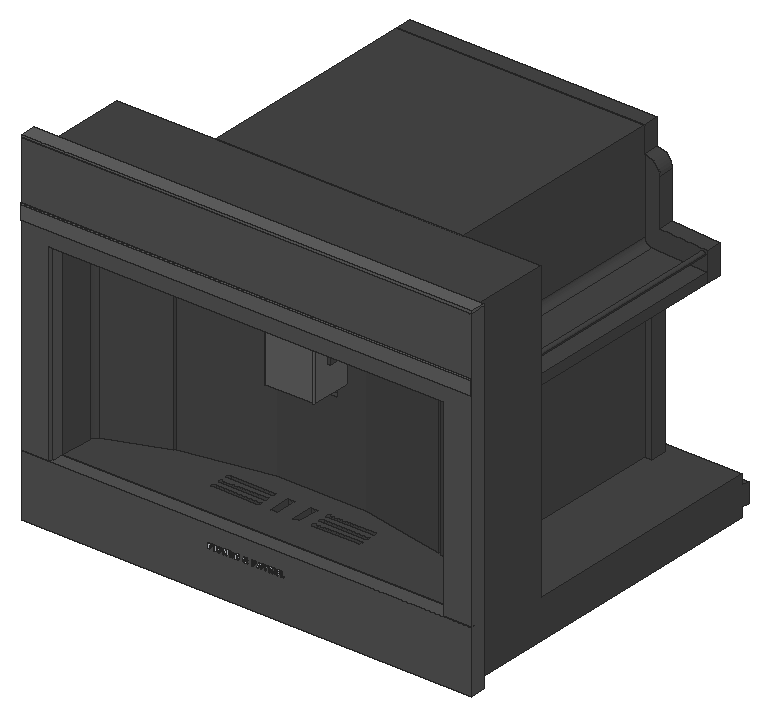
Revit family "FP_Revit_18_EB24DSXBB1_Coffee_Maker_90000808A", category Specialty Equipment, Revit 2018
Family settings
  Round Connector Dimension = Use Diameter
  Part Type = Normal
  OmniClass Number = 23.40.40.14.17.31
  OmniClass Title = Small Specialized Cooking Equipment
  Work Plane-Based = No
  Always vertical = Yes
  Cut with Voids When Loaded = Yes
  Shared = No
  Room Calculation Point = No
Parameters (values of type "EB24DSXBB1")
  Visibility - Clearance Required = yes
  URL = "www.fisherpaykel.com"
  Product - Width = 596 mm  # constant formula
  Product - Height = 458 mm  # constant formula
  Product - Depth = 480 mm  # constant formula
  Model = "EB24DSXBB1"
  Material - Trim = Fisher & Paykel - Aluminium, Dark
  Material - Glass = Fisher & Paykel - Glass, Black
  Material - Body = Fisher & Paykel - Black
  Manufacturer = "Fisher & Paykel Appliances"
  FFL Offset [instance] = 860 mm
  Description = "Built in Coffee Maker 24\""
  Connector Description - Electrical = "120 V, 60 Hz, 11.25 A"
  Chassis - Width = 560 mm  # constant formula
  Chassis - Height = 445 mm  # constant formula
  Chassis - Depth = 460 mm  # constant formula
  Cavity - Width = 560 mm  # constant formula
  Cavity - Height = 460 mm  # constant formula
  Cavity - Depth = 545 mm  # constant formula
Reference planes
  plane 1 "Center (Front/Back)": y = 0
  plane 2: z = 0
  plane 3 "Center (Left/Right)": x = 0
  plane 4: z = 1320
  plane 5: z = 1318
  plane 6 "Product LHS": x = -298
  plane 7 "Product RHS": x = 298
  plane 8 "Cavity LHS": x = -300
  plane 9 "Cavity RHS": x = 300
  plane 10 "Cavity - Depth": y = 545
  plane 11 "Front Face": y = -20
  plane 12 "Product Depth": y = 460
  plane 13 "FFL Offset": z = 860
Forms (mm)
  Extrusion 1, solid, material "Fisher & Paykel - Glass, Black" <- "Material - Glass", detail levels fine
    sketch origin (0, 0, 915) x (0, 1, 0) y (0, 0, 1)
      loop
        line (0, -54) -> (0, 400) -> (-18.19, 400)
        arc (-18.19, 400) -> (-19.179, 399.792) -> (-20, 399.202) r 2.451
        line (-20, 399.202) -> (-20, 28.9) -> (-13, 28.9) -> (-13, 27.85) -> (-20, 27.85) -> (-20, -54) -> (0, -54)
    from -298 to 298
  Extrusion 2, solid, material "Fisher & Paykel - Aluminium, Dark" <- "Material - Trim", detail levels fine
    sketch origin (0, 0, 0) x (0, 1, 0) y (0, 0, 1)
      loop
        line (0, 1318) -> (-20, 1318) -> (-20, 1315) -> (0, 1315) -> (0, 1318)
    from -298 to 298
  Extrusion 3, solid, material "Fisher & Paykel - Aluminium, Dark" <- "Material - Trim", detail levels fine
    sketch origin (0, 0, 915) x (0, 1, 0) y (0, 0, 1)
      loop
        line (-20, 303) -> (-20, 322.8) -> (-20.827, 322.8) -> (-21.702, 320.52) -> (-21.702, 303) -> (-20, 303)
    from -298 to 298
  Extrusion 4, solid, material "Fisher & Paykel - Black" <- "Material - Body"
    sketch origin (0, 0, 0) x (0, 1, 0) y (0, 0, 1)
      loop
        line (116.01, 911.9) -> (116.01, 1305) -> (0, 1305) -> (0, 860) -> (450.02, 860) -> (450.02, 872.9) -> (460, 872.9) -> (460, 898.96) -> (450.02, 898.96) -> (450.02, 911.9) -> (116.01, 911.9)
    from -280 to 280
  Extrusion 5, solid, material "Fisher & Paykel - Black" <- "Material - Body", detail levels fine
    sketch origin (0, 0, 915) x (1, 0, 0) y (0, 0, 1)
      loop
        circle (255.488, 264.858) r 3
      loop
        arc (187.564, 248.08) -> (180.801, 250.881) -> (178, 257.644) r 9.564
        line (178, 257.644) -> (178, 390) -> (-150, 390) -> (-150, 258.403)
        arc (-150, 258.403) -> (-152.821, 251.442) -> (-159.691, 248.408) r 10
        line (-159.691, 248.408) -> (-261.967, 245.247) -> (-261.967, 232.285) -> (-159.605, 228.24)
        arc (-159.605, 228.24) -> (-152.791, 225.178) -> (-150, 218.248) r 10
        line (-150, 218.248) -> (-150, -3.1) -> (178, -3.1) -> (178, 219.061)
        arc (178, 219.061) -> (180.801, 225.824) -> (187.564, 228.625) r 9.564
        line (187.564, 228.625) -> (261.48, 231.852) -> (261.48, 244.856) -> (187.564, 248.08)
      loop
        circle (-255.488, 265.27) r 3
    from -415.81 to -116.01
  Extrusion 6, solid, material "Fisher & Paykel - Black" <- "Material - Body", detail levels fine
    sketch origin (0, 0, 0) x (1, 0, 0) y (0, 0, 1)
      loop
        line (261.48, 1185.549) -> (197.977, 1189.414) -> (197.977, 1250.8)
        arc (197.977, 1250.8) -> (192.126, 1264.926) -> (178, 1270.777) r 19.977
        line (178, 1270.777) -> (178, 1305) -> (-150.023, 1305) -> (-150.023, 1270.366)
        arc (-150.023, 1270.366) -> (-164.149, 1264.514) -> (-170, 1250.389) r 19.977
        line (-170, 1250.389) -> (-170, 1189.558) -> (-261.967, 1185.943) -> (-261.967, 1147.299) -> (-170, 1143.699) -> (-170, 860) -> (-120, 860) -> (-120, 1262.538) -> (145.224, 1262.538) -> (145.224, 911.9) -> (188.072, 911.9) -> (188.072, 1143.699) -> (261.48, 1146.905) -> (261.48, 1185.549)
    from -436.81 to -415.81
  Extrusion 7, void
    sketch origin (0, 0, 0) x (1, 0, 0) y (0, 1, 0)
      loop
        line (-261, -20.25) -> (261, -20.25) -> (261, -16.15) -> (258.097, 43.307)
        arc (258.097, 43.307) -> (256.532, 47.844) -> (252.912, 50.994) r 9.287
        arc (252.912, 50.994) -> (215.2, 66.982) -> (176.484, 80.359) r 600.007
        line (176.484, 80.359) -> (176.484, 87.818) -> (173.853, 87.818) -> (173.853, 81.162)
        arc (173.853, 81.162) -> (0, 106.902) -> (-173.853, 81.162) r 600.007
        line (-173.853, 81.162) -> (-173.853, 87.818) -> (-176.484, 87.818) -> (-176.484, 80.359)
        arc (-176.484, 80.359) -> (-215.2, 66.982) -> (-252.912, 50.994) r 600.007
        arc (-252.912, 50.994) -> (-256.532, 47.844) -> (-258.097, 43.307) r 9.287
        line (-258.097, 43.307) -> (-261, -16.15) -> (-261, -20.25)
    from 942.8 to 1197.8
  Extrusion 8, void
    sketch origin (0, 0, 0) x (1, 0, 0) y (0, 1, 0)
      loop
        arc (-96.162, 73.7) -> (-99.162, 70.7) -> (-96.162, 67.7) r 3
        line (-96.162, 67.7) -> (-36.788, 67.7)
        arc (-36.788, 67.7) -> (-33.788, 70.7) -> (-36.788, 73.7) r 3
        line (-36.788, 73.7) -> (-96.162, 73.7)
      loop
        arc (-96.162, 61.7) -> (-99.162, 58.7) -> (-96.162, 55.7) r 3
        line (-96.162, 55.7) -> (-36.788, 55.7)
        arc (-36.788, 55.7) -> (-33.788, 58.7) -> (-36.788, 61.7) r 3
        line (-36.788, 61.7) -> (-96.162, 61.7)
      loop
        arc (-96.162, 49.7) -> (-99.162, 46.7) -> (-96.162, 43.7) r 3
        line (-96.162, 43.7) -> (-36.788, 43.7)
        arc (-36.788, 43.7) -> (-33.788, 46.7) -> (-36.788, 49.7) r 3
        line (-36.788, 49.7) -> (-96.162, 49.7)
      loop
        line (-19.49, 73.102) -> (-19.49, 44.102) -> (-10.49, 44.102) -> (-10.49, 73.102) -> (-19.49, 73.102)
      loop
        line (96.162, 73.7) -> (36.788, 73.7)
        arc (36.788, 73.7) -> (33.788, 70.7) -> (36.788, 67.7) r 3
        line (36.788, 67.7) -> (96.162, 67.7)
        arc (96.162, 67.7) -> (99.162, 70.7) -> (96.162, 73.7) r 3
      loop
        line (96.162, 61.7) -> (36.788, 61.7)
        arc (36.788, 61.7) -> (33.788, 58.7) -> (36.788, 55.7) r 3
        line (36.788, 55.7) -> (96.162, 55.7)
        arc (96.162, 55.7) -> (99.162, 58.7) -> (96.162, 61.7) r 3
      loop
        line (96.162, 49.7) -> (36.788, 49.7)
        arc (36.788, 49.7) -> (33.788, 46.7) -> (36.788, 43.7) r 3
        line (36.788, 43.7) -> (96.162, 43.7)
        arc (96.162, 43.7) -> (99.162, 46.7) -> (96.162, 49.7) r 3
      loop
        line (19.49, 73.102) -> (10.49, 73.102) -> (10.49, 44.102) -> (19.49, 44.102) -> (19.49, 73.102)
    from 932.9 to 942.8
  Extrusion 9, solid, material "Fisher & Paykel - Black" <- "Material - Body"
    sketch origin (0, 0, 0) x (1, 0, 0) y (0, 1, 0)
      loop
        line (-238.877, 57.3) -> (238.036, 57.3) -> (238.036, 116.01) -> (-238.877, 116.01) -> (-238.877, 57.3)
    from 1171.8 to 1197.8
  Extrusion 10, solid, material "Fisher & Paykel - Aluminium, Dark" <- "Material - Trim"
    sketch origin (0, 0, 0) x (1, 0, 0) y (0, 1, 0)
      loop
        line (-33, 105.99) -> (-33, 52.807)
        arc (-33, 52.807) -> (-32.412, 51.388) -> (-30.993, 50.8) r 2.007
        line (-30.993, 50.8) -> (31, 50.8)
        arc (31, 50.8) -> (32.414, 51.386) -> (33, 52.8) r 2
        line (33, 52.8) -> (33, 105.99) -> (-33, 105.99)
    from 1083.8 to 1183.5
  Extrusion 11, void
    sketch origin (0, 0, 0) x (1, 0, 0) y (0, 0, 1)
      loop
        line (-19.5, 1083.8) -> (-19.5, 1061.827) -> (19.5, 1061.827) -> (19.5, 1083.8) -> (-19.5, 1083.8)
    from -115 to -105
  Extrusion 12, solid, material "Fisher & Paykel - Black" <- "Material - Body", detail levels fine
    sketch origin (0, 0, 0) x (1, 0, 0) y (0, 0, 1)
      loop
        line (45.9, 1172.885) -> (45.9, 1163.535) -> (47.549, 1163.535) -> (47.549, 1147.911)
        arc (47.549, 1147.911) -> (55.35, 1140.11) -> (63.15, 1147.911) r 7.801
        line (63.15, 1147.911) -> (63.15, 1163.235) -> (73.436, 1163.235) -> (73.436, 1172.885) -> (45.9, 1172.885)
    from -106.934 to -61.01
  Extrusion 13, solid, material "Fisher & Paykel - Black" <- "Material - Body", detail levels fine
    sketch origin (0, 0, 915) x (1, 0, 0) y (0, 0, 1)
      loop
        line (53.653, 257.885) -> (53.653, 225.297)
        arc (53.653, 225.297) -> (55.35, 225.11) -> (57.047, 225.297) r 7.805
        line (57.047, 225.297) -> (57.047, 257.885) -> (53.653, 257.885)
    from -61.01 to -47.51
  Extrusion 14, solid, material "Fisher & Paykel - Black" <- "Material - Body", detail levels fine
    sketch origin (0, 0, 915) x (1, 0, 0) y (0, 0, 1)
      loop
        line (115.224, 76.056) -> (75.224, 76.056) -> (75.224, 21.056) -> (115.224, 21.056) -> (115.224, 76.056)
    from -417 to -415.81
  Extrusion 15, solid, material "Fisher & Paykel - Black" <- "Material - Body", detail levels fine
    sketch origin (0, 0, 915) x (1, 0, 0) y (0, 0, 1)
      loop
        line (107.224, 68.056) -> (83.224, 68.056) -> (83.224, 29.056) -> (107.224, 29.056) -> (107.224, 68.056)
    from -436.81 to -417
  Extrusion 16, solid, material "Fisher & Paykel - Black" <- "Material - Body", detail levels fine
    sketch origin (0, 0, 0) x (1, 0, 0) y (0, 1, 0)
      loop
        circle (95.857, 430.81) r 5
    from 983.056 to 1003
  Extrusion 17, void
    sketch origin (0, 0, 915) x (0, 1, 0) y (0, 0, 1)
      loop
        line (445.9, -19.903) -> (0, -19.903) -> (0, -55) -> (445.9, -55) -> (445.9, -19.903)
    from -54 to 54
  Extrusion 18, solid, material "Fisher & Paykel - Black", detail levels fine
    sketch origin (0, 0, 0) x (1, 0, 0) y (0, 1, 0)
      loop
        line (-210.55, 31.63) -> (-210.55, 5.8) -> (-193.27, 5.8) -> (-193.27, 31.63) -> (-210.55, 31.63)
      loop
        line (-203.25, 13.924) -> (-203.25, 14.725)
        arc (-203.25, 14.725) -> (-201.75, 22.856) -> (-200.25, 14.725) r 4.204
        line (-200.25, 14.725) -> (-200.25, 13.924)
        arc (-200.25, 13.924) -> (-201.75, 23.687) -> (-203.25, 13.924) r 4.997
      loop
        line (-202.15, 17.61) -> (-202.15, 12.8) -> (-201.35, 12.8) -> (-201.35, 17.61) -> (-202.15, 17.61)
    from 1196.9 to 1197.8
  Extrusion 19, solid, material "Fisher & Paykel - Clearance Required", visible <- "Visibility - Clearance Required", detail levels coarse
    sketch origin (0, 0, 0) x (1, 0, 0) y (0, 1, 0)
      loop
        line (-300, 0) -> (-300, -20) -> (300, -20) -> (300, 0) -> (-300, 0)
    from 860 to 1320
  Extrusion 20, solid, material "Fisher & Paykel - Clearance Required", visible <- "Visibility - Clearance Required", detail levels coarse
    sketch origin (0, 0, 0) x (1, 0, 0) y (0, 1, 0)
      loop
        line (-280, 0) -> (280, 0) -> (280, 545) -> (-280, 545) -> (-280, 0)
    from 860 to 1310
  Extrusion 21, solid, material "Fisher & Paykel - Black" <- "Material - Body", detail levels coarse+medium
    sketch origin (0, -20, 915) x (-1, 0, 0) y (0, 0, 1)
      loop
        line (-197.977, 274.414) -> (-261.48, 274.414) -> (-261.48, 228.699) -> (-188.072, 228.699) -> (-188.072, -3.1) -> (170, -3.1) -> (170, 228.699) -> (261.967, 228.699) -> (261.967, 274.558) -> (170, 274.558) -> (170, 390.05) -> (-197.977, 390.05) -> (-197.977, 274.414)
    from 136.01 to 456.81
  Extrusion 22, solid, material "Fisher & Paykel - Glass, Black" <- "Material - Glass", detail levels coarse+medium
    sketch origin (0, 0, 915) x (1, 0, 0) y (0, 0, 1)
      loop
        line (-298, -54) -> (298, -54) -> (298, 403) -> (-298, 403) -> (-298, -54)
      loop
        line (261, 282.85) -> (-261, 282.85) -> (-261, 27.85) -> (261, 27.85) -> (261, 282.85)
    from 0 to 20
  Extrusion 23, void
    sketch origin (0, 0, 0) x (1, 0, 0) y (0, 1, 0)
      loop
        line (-280, 545) -> (-280, 0) -> (280, 0) -> (280, 545) -> (-280, 545)
    from 860 to 1310
  Extrusion 24, void
    sketch origin (0, 0, 0) x (1, 0, 0) y (0, 1, 0)
      loop
        line (-300, 0) -> (-300, -20) -> (300, -20) -> (300, 0) -> (-300, 0)
    from 860 to 1320
Cuts and joins
  Extrusion 7 cuts Extrusion 1
  Extrusion 7, Extrusion 8, Extrusion 11, Extrusion 17 cuts Extrusion 4
  joined: Extrusion 4, Extrusion 9
Lines and regions (mm)
  model lines, detail levels medium+fine
    curve 1: line (-47, -20, 1293.952) -> (47, -20, 1293.952)
    curve 2: line (-47, -20, 1240.952) -> (-47, -20, 1293.952)
    curve 3: line (47, -20, 1240.952) -> (-47, -20, 1240.952)
    curve 4: line (47, -20, 1293.952) -> (47, -20, 1240.952)
Text (mm)
  text "Due to ongoing product development, product details are subject to change without notice. \nPlease always refer to www.fisherpaykel.com for the most current product information. \n© Fisher & Paykel 2020" at (41.04, -248.295, 0), in view "Ref. Level (Plan)"
Dimensions and locks
  equal spacing: plane 6 "Product LHS", plane 3 "Center (Left/Right)", plane 7 "Product RHS"
  "Product - Width": plane 6 "Product LHS" to plane 7 "Product RHS"
  equal spacing: plane 8 "Cavity LHS", plane 3 "Center (Left/Right)", plane 9 "Cavity RHS"
  "Cavity - Depth": plane 10 "Cavity - Depth" to plane 1 "Center (Front/Back)"
  plane 11 "Front Face" to plane 1 "Center (Front/Back)" = 20 mm
  "Chassis - Depth": plane 1 "Center (Front/Back)" to plane 12 "Product Depth"
  "Product - Depth": plane 12 "Product Depth" to plane 11 "Front Face"
  "Chassis - Width": cut or joined group of Extrusion 4, Extrusion 7, Extrusion 8, Extrusion 9, Extrusion 11, Extrusion 17 to cut or joined group of Extrusion 4, Extrusion 7, Extrusion 8, Extrusion 9, Extrusion 11, Extrusion 17
  "FFL Offset": plane 13 "FFL Offset" to level
  "Chassis - Height": cut or joined group of Extrusion 4, Extrusion 7, Extrusion 8, Extrusion 9, Extrusion 11, Extrusion 17 to plane 13 "FFL Offset"
  "Product - Height": plane 5 to plane 13 "FFL Offset"
  "Cavity - Height": plane 4 to plane 13 "FFL Offset"
  locked: Extrusion 23 to plane 13 "FFL Offset" at 450
  locked: plane 5 to Extrusion 21 at 12.95
  locked: Extrusion 3 to plane 13 "FFL Offset" at 358
  locked: plane 13 "FFL Offset" to cut or joined group of Extrusion 1, Extrusion 7 at 1
  locked: plane 13 "FFL Offset" to cut or joined group of Extrusion 4, Extrusion 7, Extrusion 8, Extrusion 9, Extrusion 11, Extrusion 17 at 82.8
  locked: plane 13 "FFL Offset" to Extrusion 22 sketch curve at 337.85
  locked: cut or joined group of Extrusion 4, Extrusion 7, Extrusion 8, Extrusion 9, Extrusion 11, Extrusion 17 to plane 13 "FFL Offset" at 337.8
  locked: cut or joined group of Extrusion 4, Extrusion 7, Extrusion 8, Extrusion 9, Extrusion 11, Extrusion 17 to plane 13 "FFL Offset" at 51.9
  locked: plane 5 to Extrusion 3 at 100
  locked: plane 5 to Extrusion 22 at 120.15
  locked: plane 5 to Extrusion 22 at 375.15
  locked: Extrusion 16 to plane 13 "FFL Offset" at 143
  locked: cut or joined group of Extrusion 4, Extrusion 7, Extrusion 8, Extrusion 9, Extrusion 11, Extrusion 17 to cut or joined group of Extrusion 4, Extrusion 7, Extrusion 8, Extrusion 9, Extrusion 11, Extrusion 17 at 9.9
  locked: nested 1 to plane 13 "FFL Offset" at 61.04
  locked: Extrusion 10 to plane 13 "FFL Offset" at 323.5
  locked: Extrusion 10 to plane 13 "FFL Offset" at 223.8
  locked: cut or joined group of Extrusion 4, Extrusion 7, Extrusion 8, Extrusion 9, Extrusion 11, Extrusion 17 to plane 13 "FFL Offset" at 201.827
  locked: cut or joined group of Extrusion 4, Extrusion 7, Extrusion 8, Extrusion 9, Extrusion 11, Extrusion 17 to plane 13 "FFL Offset" at 311.8
  locked: Extrusion 12 to plane 13 "FFL Offset" at 312.885
  locked: Extrusion 22 to Extrusion 18 at 0.95
  locked: plane 5 to Extrusion 23 at 8
  locked: Extrusion 17 sketch curve to plane 13 "FFL Offset" at 35.097
  plane 5 to curve 3 = 77.048 mm
  locked: plane 5 to curve 1 at 24.048
  locked: Extrusion 15 to plane 13 "FFL Offset" at 84.056
  locked: Extrusion 15 to plane 13 "FFL Offset" at 123.056
  locked: plane 5 to curve 3 at 77.048
  "Cavity - Width": Extrusion 23 to Extrusion 23
  aligned and locked: level to plane 2
  aligned and locked: Extrusion 3 to plane 7 "Product RHS"
  aligned and locked: plane 6 "Product LHS" to Extrusion 3
  aligned and locked: Extrusion 2 to plane 7 "Product RHS"
  aligned and locked: plane 6 "Product LHS" to Extrusion 2
  aligned and locked: plane 6 "Product LHS" to Extrusion 1
  aligned and locked: Extrusion 1 to plane 7 "Product RHS"
  aligned and locked: plane 9 "Cavity RHS" to Extrusion 19 sketch curve
  aligned and locked: Extrusion 19 sketch curve to plane 8 "Cavity LHS"
  aligned and locked: plane 1 "Center (Front/Back)" to Extrusion 19 sketch curve
  aligned and locked: Extrusion 5 to cut or joined group of Extrusion 4, Extrusion 7, Extrusion 8, Extrusion 9, Extrusion 11, Extrusion 17
  aligned and locked: Extrusion 5 to Extrusion 4
  aligned and locked: Extrusion 6 to Extrusion 5
  aligned and locked: plane 4 to Extrusion 24
  aligned and locked: plane 5 to Extrusion 2
  aligned and locked: Extrusion 24 to Extrusion 19
  aligned and locked: plane 5 to Extrusion 22 sketch curve
  aligned and locked: Extrusion 21 to Extrusion 5
  aligned and locked: Extrusion 5 to Extrusion 6
  aligned and locked: Extrusion 8 to Extrusion 7
  aligned and locked: Extrusion 11 to Extrusion 10
  aligned and locked: cut or joined group of Extrusion 1, Extrusion 7 to Extrusion 18
  aligned and locked: Extrusion 19 to Extrusion 17
  aligned and locked: plane 13 "FFL Offset" to Extrusion 4 sketch curve
  aligned and locked: Extrusion 4 to Extrusion 17
  aligned and locked: Extrusion 23 to cut or joined group of Extrusion 4, Extrusion 7, Extrusion 8, Extrusion 9, Extrusion 11, Extrusion 17
  aligned and locked: cut or joined group of Extrusion 4, Extrusion 7, Extrusion 8, Extrusion 9, Extrusion 11, Extrusion 17 to Extrusion 6
  aligned and locked: Extrusion 24 to cut or joined group of Extrusion 4, Extrusion 7, Extrusion 8, Extrusion 9, Extrusion 11, Extrusion 17
  aligned and locked: Extrusion 20 to Extrusion 23
  aligned and locked: Extrusion 20 to Extrusion 6
  aligned and locked: Extrusion 7 to Extrusion 9
  aligned and locked: Extrusion 16 to Extrusion 15
Automatic sketch dimensions
  Extrusion 3 sketch curve to Extrusion 3 sketch curve = 17.52 mm
  Extrusion 3 sketch curve to Extrusion 3 sketch curve = 0.875 mm
  Extrusion 3 sketch curve to Extrusion 3 sketch curve = 0.827 mm
  Extrusion 3 sketch curve to Extrusion 3 sketch curve = 2.28 mm
  Extrusion 7 sketch curve to Extrusion 7 sketch curve = 0 mm  (x4)
  Extrusion 7 sketch curve to plane 3 "Center (Left/Right)" = 0 mm
  Extrusion 7 sketch curve to plane 6 "Product LHS" = 124.147 mm
  Extrusion 7 sketch curve to Extrusion 7 sketch curve = 2.63 mm  (x2)
  Extrusion 7 sketch curve to plane 6 "Product LHS" = 49.167 mm
  Extrusion 7 sketch curve to Extrusion 7 sketch curve = 9.264 mm  (x2)
  Extrusion 7 sketch curve to plane 6 "Product LHS" = 37 mm
  plane 7 "Product RHS" to Extrusion 7 sketch curve = 124.147 mm
  plane 7 "Product RHS" to Extrusion 7 sketch curve = 49.167 mm
  plane 1 "Center (Front/Back)" to Extrusion 7 sketch curve = 16.15 mm
  plane 7 "Product RHS" to Extrusion 7 sketch curve = 37 mm
  plane 1 "Center (Front/Back)" to Extrusion 7 sketch curve = 493.105 mm
  Extrusion 7 sketch curve to plane 1 "Center (Front/Back)" = 42.65 mm  (x2)
  Extrusion 7 sketch curve to Extrusion 7 sketch curve = 0.657 mm  (x2)
  Extrusion 7 sketch curve to plane 1 "Center (Front/Back)" = 80.359 mm  (x2)
  Extrusion 7 sketch curve to Extrusion 7 sketch curve = 0.803 mm
  Extrusion 7 sketch curve to Extrusion 7 sketch curve = 6.656 mm  (x2)
  Extrusion 7 sketch curve to Extrusion 7 sketch curve = 4.1 mm  (x2)
  Extrusion 8 sketch curve to plane 3 "Center (Left/Right)" = 96.162 mm
  Extrusion 8 sketch curve to Extrusion 8 sketch curve = 0 mm  (x9)
  Extrusion 8 sketch curve to plane 3 "Center (Left/Right)" = 36.788 mm
  Extrusion 8 sketch curve to Extrusion 8 sketch curve = 17.298 mm  (x3)
  Extrusion 8 sketch curve to Extrusion 8 sketch curve = 9 mm  (x2)
  plane 3 "Center (Left/Right)" to Extrusion 8 sketch curve = 10.49 mm
  Extrusion 8 sketch curve to Extrusion 8 sketch curve = 59.375 mm
  Extrusion 8 sketch curve to plane 1 "Center (Front/Back)" = 43.7 mm  (x2)
  Extrusion 8 sketch curve to Extrusion 8 sketch curve = 0.402 mm
  Extrusion 8 sketch curve to Extrusion 8 sketch curve = 3 mm  (x6)
  Extrusion 8 sketch curve to Extrusion 8 sketch curve = 6 mm  (x4)
  Extrusion 8 sketch curve to Extrusion 8 sketch curve = 0.598 mm
  Extrusion 10 sketch curve to Extrusion 10 sketch curve = 2.007 mm
  Extrusion 10 sketch curve to Extrusion 10 sketch curve = 53.19 mm
  Extrusion 11 sketch curve to plane 3 "Center (Left/Right)" = 19.5 mm
  plane 3 "Center (Left/Right)" to Extrusion 11 sketch curve = 19.5 mm
  level to Extrusion 11 sketch curve = 1061.827 mm
  Extrusion 11 sketch curve to Extrusion 11 sketch curve = 21.973 mm
  Extrusion 12 sketch curve to Extrusion 12 sketch curve = 1.649 mm
  Extrusion 12 sketch curve to Extrusion 12 sketch curve = 7.801 mm
  Extrusion 12 sketch curve to Extrusion 12 sketch curve = 10.286 mm
  Extrusion 12 sketch curve to Extrusion 12 sketch curve = 15.324 mm
  Extrusion 12 sketch curve to Extrusion 12 sketch curve = 0.3 mm
  Extrusion 12 sketch curve to Extrusion 12 sketch curve = 9.35 mm
  Extrusion 13 sketch curve to Extrusion 13 sketch curve = 1.697 mm
  Extrusion 13 sketch curve to Extrusion 13 sketch curve = 7.618 mm
  Extrusion 13 sketch curve to Extrusion 13 sketch curve = 24.97 mm
  Extrusion 13 sketch curve to Extrusion 13 sketch curve = 3.394 mm
  Extrusion 14 sketch curve to Extrusion 14 sketch curve = 40 mm
  Extrusion 14 sketch curve to Extrusion 14 sketch curve = 55 mm
  Extrusion 15 sketch curve to Extrusion 15 sketch curve = 24 mm
  Extrusion 15 sketch curve to Extrusion 15 sketch curve = 39 mm
  level to Extrusion 17 sketch curve = 860 mm
  Extrusion 17 sketch curve to plane 1 "Center (Front/Back)" = 0 mm
  Extrusion 18 sketch curve to Extrusion 18 sketch curve = 7.3 mm
  Extrusion 18 sketch curve to Extrusion 18 sketch curve = 1.1 mm  (x2)
  Extrusion 18 sketch curve to Extrusion 18 sketch curve = 0.4 mm
  Extrusion 18 sketch curve to Extrusion 18 sketch curve = 0 mm
  Extrusion 18 sketch curve to Extrusion 18 sketch curve = 0.8 mm
  Extrusion 18 sketch curve to Extrusion 18 sketch curve = 8.08 mm
  Extrusion 18 sketch curve to Extrusion 18 sketch curve = 7 mm
  Extrusion 18 sketch curve to Extrusion 18 sketch curve = 1.124 mm
  Extrusion 18 sketch curve to Extrusion 18 sketch curve = 0.801 mm
  Extrusion 18 sketch curve to Extrusion 18 sketch curve = 2.885 mm
  Extrusion 18 sketch curve to Extrusion 18 sketch curve = 1.042 mm
  Extrusion 18 sketch curve to Extrusion 18 sketch curve = 0.038 mm
  Extrusion 18 sketch curve to Extrusion 18 sketch curve = 12.94 mm
  Extrusion 9 sketch curve to plane 6 "Product LHS" = 59.123 mm
  Extrusion 9 sketch curve to plane 1 "Center (Front/Back)" = 57.3 mm
  plane 7 "Product RHS" to Extrusion 9 sketch curve = 59.964 mm
  Extrusion 9 sketch curve to Extrusion 9 sketch curve = 58.71 mm
  plane 1 "Center (Front/Back)" to Extrusion 19 sketch curve = 20 mm
  Extrusion 17 sketch curve to plane 10 "Cavity - Depth" = 99.1 mm
  Extrusion 6 sketch curve to plane 6 "Product LHS" = 36.033 mm
  level to Extrusion 6 sketch curve = 860 mm
  Extrusion 6 sketch curve to plane 6 "Product LHS" = 128 mm
  Extrusion 6 sketch curve to Extrusion 6 sketch curve = 0 mm
  Extrusion 6 sketch curve to Extrusion 6 sketch curve = 19.977 mm
  Extrusion 6 sketch curve to Extrusion 6 sketch curve = 30.023 mm
  level to Extrusion 6 sketch curve = 911.9 mm
  plane 3 "Center (Left/Right)" to Extrusion 6 sketch curve = 145.224 mm
  Extrusion 6 sketch curve to plane 5 = 13 mm
  Extrusion 6 sketch curve to Extrusion 6 sketch curve = 32.776 mm
  Extrusion 6 sketch curve to Extrusion 6 sketch curve = 10.072 mm
  Extrusion 6 sketch curve to Extrusion 6 sketch curve = 9.905 mm
  plane 7 "Product RHS" to Extrusion 6 sketch curve = 36.52 mm
  Extrusion 6 sketch curve to Extrusion 6 sketch curve = 161.301 mm  (x2)
  Extrusion 6 sketch curve to Extrusion 6 sketch curve = 3.205 mm
  Extrusion 6 sketch curve to Extrusion 6 sketch curve = 3.6 mm
  Extrusion 6 sketch curve to Extrusion 6 sketch curve = 38.645 mm
  Extrusion 6 sketch curve to Extrusion 6 sketch curve = 38.644 mm
  Extrusion 6 sketch curve to Extrusion 6 sketch curve = 45.715 mm
  Extrusion 6 sketch curve to Extrusion 6 sketch curve = 45.858 mm
  Extrusion 6 sketch curve to Extrusion 6 sketch curve = 54.611 mm
  Extrusion 6 sketch curve to Extrusion 6 sketch curve = 54.2 mm
  Extrusion 6 sketch curve to Extrusion 6 sketch curve = 7.828 mm
  Extrusion 5 sketch curve to plane 6 "Product LHS" = 36.033 mm
  Extrusion 5 sketch curve to Extrusion 5 sketch curve = 6.478 mm
  Extrusion 5 sketch curve to Extrusion 5 sketch curve = 95.488 mm
  Extrusion 5 sketch curve to Extrusion 5 sketch curve = 0.309 mm  (x2)
  Extrusion 5 sketch curve to Extrusion 5 sketch curve = 0.395 mm
  Extrusion 5 sketch curve to Extrusion 5 sketch curve = 10 mm  (x2)
  plane 7 "Product RHS" to Extrusion 5 sketch curve = 120 mm  (x2)
  Extrusion 5 sketch curve to plane 5 = 13 mm
  Extrusion 5 sketch curve to Extrusion 5 sketch curve = 9.564 mm  (x2)
  plane 7 "Product RHS" to Extrusion 5 sketch curve = 42.512 mm
  Extrusion 5 sketch curve to Extrusion 5 sketch curve = 5.992 mm
  Extrusion 5 sketch curve to Extrusion 5 sketch curve = 171.752 mm
  Extrusion 5 sketch curve to Extrusion 5 sketch curve = 170.939 mm
  Extrusion 5 sketch curve to Extrusion 5 sketch curve = 3.227 mm
  Extrusion 5 sketch curve to Extrusion 5 sketch curve = 4.045 mm
  Extrusion 5 sketch curve to Extrusion 5 sketch curve = 13.004 mm
  Extrusion 5 sketch curve to Extrusion 5 sketch curve = 12.962 mm
  Extrusion 5 sketch curve to Extrusion 5 sketch curve = 20.168 mm
  Extrusion 5 sketch curve to Extrusion 5 sketch curve = 19.455 mm
  Extrusion 5 sketch curve to Extrusion 5 sketch curve = 20.001 mm
  Extrusion 5 sketch curve to Extrusion 5 sketch curve = 20.023 mm
  Extrusion 20 sketch curve to plane 10 "Cavity - Depth" = 0 mm
  plane 1 "Center (Front/Back)" to Extrusion 20 sketch curve = 0 mm
  Extrusion 20 sketch curve to plane 6 "Product LHS" = 18 mm
  plane 7 "Product RHS" to Extrusion 20 sketch curve = 18 mm
  level to Extrusion 5 sketch curve = 911.9 mm
  Extrusion 21 sketch curve to plane 5 = 12.95 mm
  plane 7 "Product RHS" to Extrusion 21 sketch curve = 100.023 mm
  Extrusion 21 sketch curve to Extrusion 21 sketch curve = 9.905 mm
  level to Extrusion 21 sketch curve = 911.9 mm
  Extrusion 21 sketch curve to plane 6 "Product LHS" = 128 mm  (x2)
  Extrusion 21 sketch curve to plane 6 "Product LHS" = 36.033 mm
  Extrusion 21 sketch curve to Extrusion 21 sketch curve = 161.351 mm  (x2)
  Extrusion 21 sketch curve to Extrusion 21 sketch curve = 45.858 mm
  plane 7 "Product RHS" to Extrusion 21 sketch curve = 36.52 mm
  Extrusion 21 sketch curve to Extrusion 21 sketch curve = 45.715 mm
  Extrusion 1 sketch curve to plane 11 "Front Face" = 0 mm  (x2)
  Extrusion 1 sketch curve to plane 1 "Center (Front/Back)" = 0 mm
  plane 11 "Front Face" to Extrusion 1 sketch curve = 1.81 mm
  plane 11 "Front Face" to Extrusion 1 sketch curve = 7 mm
  level to Extrusion 1 sketch curve = 861 mm
  Extrusion 1 sketch curve to Extrusion 1 sketch curve = 81.85 mm
  Extrusion 1 sketch curve to Extrusion 1 sketch curve = 1.05 mm
  Extrusion 1 sketch curve to plane 5 = 3 mm
  Extrusion 1 sketch curve to Extrusion 1 sketch curve = 2.451 mm
  Extrusion 23 sketch curve to plane 1 "Center (Front/Back)" = 0 mm
  plane 10 "Cavity - Depth" to Extrusion 23 sketch curve = 0 mm
  Extrusion 23 sketch curve to plane 6 "Product LHS" = 18 mm
  plane 7 "Product RHS" to Extrusion 23 sketch curve = 18 mm
  Extrusion 24 sketch curve to plane 8 "Cavity LHS" = 0 mm
  Extrusion 24 sketch curve to plane 9 "Cavity RHS" = 0 mm
  Extrusion 24 sketch curve to plane 1 "Center (Front/Back)" = 0 mm
  Extrusion 24 sketch curve to plane 11 "Front Face" = 0 mm
  Extrusion 2 sketch curve to plane 11 "Front Face" = 0 mm
  Extrusion 2 sketch curve to plane 1 "Center (Front/Back)" = 0 mm
  plane 13 "FFL Offset" to Extrusion 2 sketch curve = 455 mm
  Extrusion 2 sketch curve to Extrusion 2 sketch curve = 3 mm
  Extrusion 10 sketch curve to Extrusion 10 sketch curve = 61.993 mm
  Extrusion 10 sketch curve to Extrusion 10 sketch curve = 2 mm
  plane 6 "Product LHS" to Extrusion 22 sketch curve = 0 mm
  plane 7 "Product RHS" to Extrusion 22 sketch curve = 0 mm
  Extrusion 22 sketch curve to plane 6 "Product LHS" = 37 mm
  plane 7 "Product RHS" to Extrusion 22 sketch curve = 37 mm
  plane 13 "FFL Offset" to Extrusion 22 sketch curve = 82.85 mm
  plane 13 "FFL Offset" to Extrusion 22 sketch curve = 1 mm
  Extrusion 3 sketch curve to plane 11 "Front Face" = 0 mm
  Extrusion 3 sketch curve to plane 5 = 100 mm
  Extrusion 10 sketch curve to plane 3 "Center (Left/Right)" = 33 mm
  Extrusion 10 sketch curve to plane 1 "Center (Front/Back)" = 50.8 mm
  plane 3 "Center (Left/Right)" to Extrusion 12 sketch curve = 45.9 mm
  Extrusion 12 sketch curve to plane 5 = 170.089 mm
  plane 3 "Center (Left/Right)" to Extrusion 13 sketch curve = 53.653 mm
  Extrusion 13 sketch curve to plane 5 = 177.703 mm
  plane 3 "Center (Left/Right)" to Extrusion 14 sketch curve = 75.224 mm
  plane 13 "FFL Offset" to Extrusion 14 sketch curve = 76.056 mm
  plane 3 "Center (Left/Right)" to Extrusion 15 sketch curve = 83.224 mm
  plane 13 "FFL Offset" to Extrusion 15 sketch curve = 84.056 mm
  Extrusion 16 sketch curve to plane 12 "Product Depth" = 29.19 mm
  plane 3 "Center (Left/Right)" to Extrusion 16 sketch curve = 95.857 mm
  Extrusion 18 sketch curve to plane 1 "Center (Front/Back)" = 5.8 mm
  Extrusion 18 sketch curve to plane 6 "Product LHS" = 87.45 mm
  Extrusion 4 sketch curve to plane 1 "Center (Front/Back)" = 0 mm
  Extrusion 4 sketch curve to plane 12 "Product Depth" = 0 mm
  Extrusion 4 sketch curve to plane 5 = 13 mm
  Extrusion 4 sketch curve to plane 1 "Center (Front/Back)" = 116.01 mm
  Extrusion 4 sketch curve to plane 12 "Product Depth" = 9.98 mm
  Extrusion 4 sketch curve to Extrusion 4 sketch curve = 9.98 mm
  plane 13 "FFL Offset" to Extrusion 4 sketch curve = 12.9 mm
  Extrusion 4 sketch curve to Extrusion 4 sketch curve = 26.06 mm
  plane 13 "FFL Offset" to Extrusion 4 sketch curve = 51.9 mm
  plane 3 "Center (Left/Right)" to curve 1 = 47 mm
  curve 3 to plane 3 "Center (Left/Right)" = 47 mm
  radius of Extrusion 16 sketch curve = 5 mm
  radius of Extrusion 5 sketch curve = 3 mm  (x2)
Nested families
  nested 1: "F&P Logo 100mm" at (0, -20, 915), type "F&P Logo 100mm", detail levels fine
Connectors
  electrical at (95.857, 430.81, 1003), driven by "Connector Description - Electrical"
    settings: on Extrusion 16, index 1, voltage 120 V, apparent load 0 VA, apparent load phase1 0 VA, apparent load phase2 0 VA, apparent load phase3 0 VA, power factor 1, load classification "Other", number of poles 1, system type 30, power factor state 1, is connector primary yes, connector utility no, sub classification motor no, connector description "120 V, 60 Hz, 11.25 A"
Definition of nested family "F&P Logo 100mm"
  Parameters (values of type "F&P Logo 100mm")
    URL = "www.fisherpaykel.com"
    Material - Logo = none
    Manufacturer = "Fisher & Paykel Appliances"
  Reference planes
    plane 1 "Center (Front/Back)": y = 0
    plane 2: z = 0
    plane 3 "Center (Left/Right)": x = 0
  Forms (mm)
    Extrusion 1, solid, material <- "Material - Logo", detail levels fine
      sketch origin (0, 0, 0) x (1, 0, 0) y (0, 0, 1)
        loop
          line (-50.044, 0) -> (-48.47, 0) -> (-48.47, 2.138) -> (-46.011, 2.138) -> (-46.011, 3.472) -> (-48.47, 3.472) -> (-48.47, 4.712) -> (-45.795, 4.712) -> (-45.795, 6.04) -> (-50.044, 6.04) -> (-50.044, 0)
        loop
          line (-42.804, 6.04) -> (-42.804, 0) -> (-41.23, 0) -> (-41.23, 6.04) -> (-42.804, 6.04)
        loop
          line (-30.724, 6.04) -> (-30.724, 0) -> (-29.151, 0) -> (-29.151, 2.42) -> (-26.839, 2.42) -> (-26.839, 0) -> (-25.265, 0) -> (-25.265, 6.04) -> (-26.839, 6.04) -> (-26.839, 3.748) -> (-29.151, 3.748) -> (-29.151, 6.04) -> (-30.724, 6.04)
        loop
          line (-21.906, 6.04) -> (-21.906, 0) -> (-17.602, 0) -> (-17.602, 1.328) -> (-20.347, 1.328) -> (-20.347, 2.42) -> (-17.838, 2.42) -> (-17.838, 3.748) -> (-20.347, 3.748) -> (-20.347, 4.712) -> (-17.602, 4.712) -> (-17.602, 6.04) -> (-21.906, 6.04)
        loop
          line (45.667, 6.04) -> (45.667, 0) -> (49.956, 0) -> (49.956, 1.328) -> (47.241, 1.328) -> (47.241, 6.04) -> (45.667, 6.04)
        loop
          line (42.431, 6.04) -> (38.112, 6.04) -> (38.112, 0) -> (42.431, 0) -> (42.431, 1.328) -> (39.687, 1.328) -> (39.687, 2.42) -> (42.195, 2.42) -> (42.195, 3.748) -> (39.687, 3.748) -> (39.687, 4.712) -> (42.431, 4.712) -> (42.431, 6.04)
        loop
          line (33.451, 3.148) -> (35.683, 6.04) -> (33.844, 6.04) -> (31.915, 3.542) -> (31.915, 6.04) -> (30.342, 6.04) -> (30.342, 0) -> (31.915, 0) -> (31.915, 2.705) -> (33.903, 0) -> (35.763, 0) -> (33.451, 3.148)
        loop
          line (21.98, 6.04) -> (24.262, 2.42) -> (24.262, 0) -> (25.837, 0) -> (25.837, 2.341) -> (28.119, 6.04) -> (26.446, 6.04) -> (25.099, 3.707) -> (23.753, 6.04) -> (21.98, 6.04)
        loop
          line (18.479, 6.04) -> (16.983, 6.04) -> (14.524, 0) -> (16.069, 0) -> (16.501, 1.112) -> (18.921, 1.112) -> (19.354, 0) -> (20.938, 0) -> (18.479, 6.04)
        loop
          line (18.4, 2.439) -> (17.693, 4.174) -> (17.018, 2.439) -> (18.4, 2.439)
        loop
          line (8.031, 6.04) -> (8.031, 0) -> (9.605, 0) -> (9.605, 1.938) -> (10.599, 1.938)
          arc (10.599, 1.938) -> (12.65, 3.989) -> (10.599, 6.04) r 2.051
          line (10.599, 6.04) -> (8.031, 6.04)
        loop
          line (9.605, 4.712) -> (9.605, 3.197) -> (10.501, 3.197)
          arc (10.501, 3.197) -> (11.259, 3.954) -> (10.501, 4.712) r 0.757
          line (10.501, 4.712) -> (9.605, 4.712)
        loop
          line (-11.783, 6.04) -> (-14.366, 6.04) -> (-14.366, 0) -> (-12.792, 0) -> (-12.792, 1.336) -> (-11.992, 1.336) -> (-10.972, 0) -> (-9.153, 0) -> (-10.694, 1.973)
          arc (-10.694, 1.973) -> (-9.678, 4.424) -> (-11.783, 6.04) r 2.179
        loop
          line (-11.897, 4.712) -> (-12.792, 4.712) -> (-12.792, 3.053) -> (-11.897, 3.053)
          arc (-11.897, 3.053) -> (-11.068, 3.882) -> (-11.897, 4.712) r 0.83
        loop
          line (0.477, 4.712) -> (0.477, 6.153) -> (-3.575, 6.153) -> (-3.575, 4.851) -> (-2.974, 4.112)
          arc (-2.974, 4.112) -> (-3.51, 0.684) -> (-0.045, 0.512) r 2.334
          line (-0.045, 0.512) -> (0.46, -0.109) -> (2.246, -0.109) -> (0.86, 1.594) -> (2.061, 3.324) -> (0.443, 3.324) -> (-0.013, 2.667) -> (-1.677, 4.712) -> (0.477, 4.712)
        loop
          arc (-2.125, 3.068) -> (-2.269, 1.668) -> (-0.868, 1.524) r 0.996
          line (-0.868, 1.524) -> (-2.125, 3.068)
        loop
          line (-35.18, 3.634) -> (-36.516, 3.91)
          arc (-36.516, 3.91) -> (-37.049, 4.443) -> (-36.516, 4.976) r 0.533
          arc (-36.516, 4.976) -> (-35.235, 4.79) -> (-34.059, 4.248) r 4.505
          line (-34.059, 4.248) -> (-34.059, 5.743)
          arc (-34.059, 5.743) -> (-35.549, 6.179) -> (-37.1, 6.109) r 4.726
          arc (-37.1, 6.109) -> (-38.536, 4.335) -> (-37.1, 2.561) r 1.814
          line (-37.1, 2.561) -> (-35.754, 2.282)
          arc (-35.754, 2.282) -> (-35.221, 1.749) -> (-35.754, 1.216) r 0.533
          arc (-35.754, 1.216) -> (-37.035, 1.402) -> (-38.211, 1.945) r 4.505
          line (-38.211, 1.945) -> (-38.211, 0.449)
          arc (-38.211, 0.449) -> (-36.72, 0.013) -> (-35.169, 0.083) r 4.726
          arc (-35.169, 0.083) -> (-33.734, 1.863) -> (-35.18, 3.634) r 1.814
      from 0 to 0.8
  Dimensions and locks
    aligned and locked: level to plane 2
